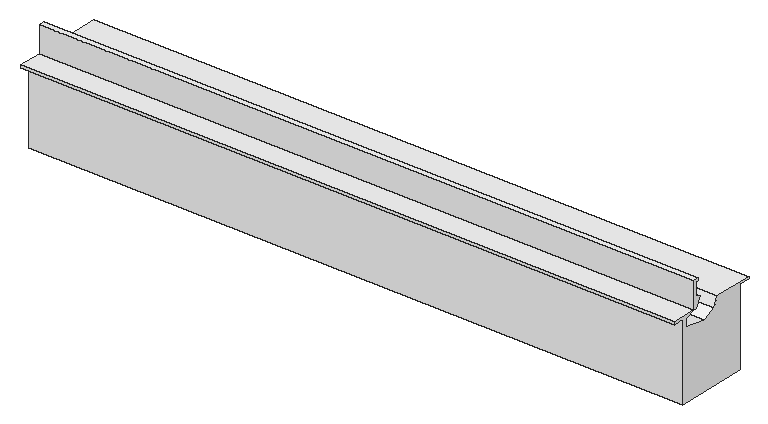
Revit family "Lighting-Recessed-Amerlux-FINO-CLG GRID LED", category Lighting Fixtures, host Face, Revit 2014
Parameters
  Wattage = 9.2903 W
  built-in parameter 1150110 = 1 (stored number, unit not read)
  Voltage = 0 V
  URL = "http://www.amerlux.com"
  built-in parameter 1114217 = 1 (stored number, unit not read)
  Tilt Angle = -90.00°
  built-in parameter 1150109 = 1 (stored number, unit not read)
  built-in parameter 1150134 = 12
  built-in parameter 1150113 = 1 (stored number, unit not read)
  Power Factor = 1
  Photometric Web File = "generic"
  Number of Poles = 1
  built-in parameter 1150142 = (empty or 0)
  Model = "FINO GRID CLG"
  Manufacturer = "Amerlux"
  built-in parameter 1150105 = 109.82 (stored number, unit not read)
  Lumens = 1380 lm
  built-in parameter 1150115 = 1 (stored number, unit not read)
  built-in parameter 1150137 = (empty or 0)
  built-in parameter 1150139 = (empty or 0)
  Length = 2' - 0"
  built-in parameter 1150112 = 1 (stored number, unit not read)
  built-in parameter 1150114 = 1 (stored number, unit not read)
  Lamp = "LED"
  built-in parameter 1150132 = (empty or 0)
  built-in parameter 1150102 = (empty or 0)
  built-in parameter 1150107 = 4000 (stored number, unit not read)
  built-in parameter 1150138 = (empty or 0)
  built-in parameter 1150106 = 1.0982 (stored number, unit not read)
  Fixture Finish = White
  Emit from Line Length = Length  # 2' - 0"
  built-in parameter 1150104 = 13.8 (stored number, unit not read)
  Dimming Lamp Color Temperature Shift = <None>
  Description = "Ceiling Mount Wall Wash LED"
  Default Elevation = 4' - 0"
  Color Filter = 16777215
  built-in parameter 1114218 = 1 (stored number, unit not read)
  built-in parameter 1150133 = 10 (stored number, unit not read)
  Apparent Load = 0 VA
Reference planes (in)
  plane 1 "Center (Front/Back)": y = 0
  plane 2: z = 0
  plane 3 "Center (Left/Right)": x = 0
  plane 4: x = -12
  plane 5: x = 12
  plane 6: z = 0.125
  plane 7: y = 2
  plane 8: y = -2
Forms (in)
  Extrusion 1, solid, material "White" <- "Fixture Finish"
    sketch origin (0, 0, 0) x (0, 1, 0) y (0, 0, 1)
      loop
        line (-0.84824, 1) -> (-0.84824, 0.03906) -> (-1.72011, 0.03906) -> (-1.72011, -0.0447) -> (-1.33261, -0.0447) -> (-1.33261, -2.84747) -> (1.28571, -2.84747) -> (1.28571, -0.0447) -> (1.66542, -0.0447) -> (1.66542, 0.03451) -> (0.19882, 0.03451) -> (-0.74559, 0.45499) -> (-0.74559, 0.91461) -> (-0.6316, 0.91461) -> (-0.6316, 1) -> (-0.84824, 1)
    from -12 to 12
  Extrusion 2, void
    sketch origin (0, 29.63599, 6.50541) x (0, 1, 0) y (0, 0, 1)
      loop
        line (-29.43717, -6.4709) -> (-30.21725, -6.12358) -> (-30.36986, -6.46635) -> (-30.48423, -6.46635) -> (-30.83556, -6.5956) -> (-30.83556, -6.8456) -> (-29.98803, -7.01034) -> (-29.56711, -6.77702) -> (-29.43717, -6.4709)
    from -12 to 12
Cuts and joins
  Extrusion 2 cuts Extrusion 1
Dimensions and locks (in)
  equal spacing: plane 4, plane 3 "Center (Left/Right)", plane 5
  "Length": plane 4 to plane 5
  aligned and locked: plane 2 to host face
  aligned and locked: level to host face
  aligned and locked: imposter light to plane 6
  aligned and locked: Extrusion 2 to plane 4
  aligned and locked: plane 5 to Extrusion 2
  aligned and locked: plane 5 to Extrusion 1
  aligned and locked: Extrusion 1 to plane 4
Automatic sketch dimensions
  host sketch curve to host sketch curve = 2' - 6.49556"
  host sketch curve to host sketch curve = 2' - 7.77944"
  Extrusion 2 sketch curve to level = 0' - 0.09019"
  level to Extrusion 2 sketch curve = 0' - 0 5/128"
  Extrusion 2 sketch curve to Extrusion 2 sketch curve = 0' - 0.35133"
  Extrusion 2 sketch curve to Extrusion 2 sketch curve = 0' - 0.11437"
  plane 1 "Center (Front/Back)" to Extrusion 2 sketch curve = 0' - 0.35204"
  Extrusion 2 sketch curve to plane 1 "Center (Front/Back)" = 0' - 0.06888"
  Extrusion 2 sketch curve to level = 0' - 0.27161"
  Extrusion 2 sketch curve to Extrusion 2 sketch curve = 0' - 0 1/4"
  Extrusion 2 sketch curve to Extrusion 2 sketch curve = 0' - 0.23332"
  Extrusion 2 sketch curve to Extrusion 2 sketch curve = 0' - 0.15261"
  plane 6 to Extrusion 2 sketch curve = 0' - 0.25683"
  Extrusion 2 sketch curve to plane 1 "Center (Front/Back)" = 0' - 0.19882"
  level to Extrusion 2 sketch curve = 0' - 0.03451"
  level to Extrusion 1 sketch curve = 0' - 0 5/128"
  Extrusion 1 sketch curve to plane 8 = 0' - 0.27989"
  Extrusion 1 sketch curve to plane 8 = 0' - 0.66739"
  Extrusion 1 sketch curve to Extrusion 1 sketch curve = 0' - 0 31/64"
  Extrusion 1 sketch curve to Extrusion 1 sketch curve = 0' - 0.10265"
  Extrusion 1 sketch curve to Extrusion 1 sketch curve = 0' - 0.11399"
  level to Extrusion 1 sketch curve = 0' - 0.03451"
  Extrusion 1 sketch curve to plane 1 "Center (Front/Back)" = 0' - 0.19882"
  plane 7 to Extrusion 1 sketch curve = 0' - 0.71429"
  Extrusion 1 sketch curve to level = 0' - 0.0447"  (x2)
  plane 7 to Extrusion 1 sketch curve = 0' - 0.33458"
  Extrusion 1 sketch curve to Extrusion 1 sketch curve = 0' - 2.80277"
  plane 6 to Extrusion 1 sketch curve = 0' - 0.32999"
  Extrusion 1 sketch curve to Extrusion 1 sketch curve = 0' - 0.45963"
  Extrusion 1 sketch curve to Extrusion 1 sketch curve = 0' - 0.08539"
Connectors (in)
  electrical at (0, -1.2556, -0.63335), driven by "Number of Poles", driven by "Voltage", driven by "Apparent Load", driven by "Power Factor"
    settings: on cut or joined group of Extrusion 1, Extrusion 2, index 1, voltage 0 V, apparent load 0 VA, apparent load phase1 0 VA, apparent load phase2 0 VA, apparent load phase3 0 VA, power factor 1, load classification "Other", number of poles 1, system type 31, power factor state 1, is connector primary yes, connector utility yes, sub classification motor no, connector description "Power"
